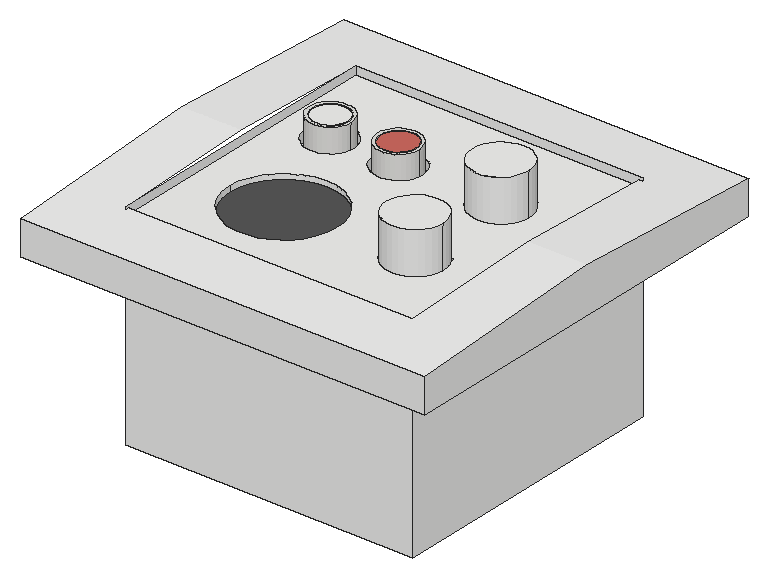
Revit family "Electronics_Commercial-Audio_Biamp_Local-Input-Panel_ALINP ", category Communication Devices, host Face, Revit 2020
Family settings
  Host = Face
  Maintain Annotation Orientation = No
  Round Connector Dimension = Use Diameter
  Part Type = Normal
  OmniClass Number = 23.85.10.11.14
  OmniClass Title = Audio Equipment
  Cut with Voids When Loaded = No
  Shared = No
  Room Calculation Point = No
Parameters (values of type "ALINP")
  Width = 0' - 3.26772"  # constant formula
  Weight = 0.242508 lbf  # constant formula
  Voltage = 0 V
  URL = "https://www.biamp.com/"
  Total harmonic distortion = "< 0.05%"  # constant formula
  Stereo/mono = "mono"  # constant formula
  Steps = "linear"  # constant formula
  Signal to noise level SNR = "> 86dB"  # constant formula
  Sensitivity = "unbalanced line: 370mV / balanced mic: 16mV"  # constant formula
  Recommended cable type = "2-core shielded microphone cable"  # constant formula
  Product data url = "https://www.bimobject.com/biamp/product/alinp_commercial-audio-control-interface"
  Product Page URL = "https://www.biamp.com/products/product-families/commercial-audio/control-interfaces#alinp"
  Product Documentation Link = "https://downloads.biamp.com/assets/docs/default-source/data-sheets/biamp_data_sheet_alinp_aug20.pdf"
  Power type = "phantom"  # constant formula
  Power Factor = 1
  Number of Poles = 1
  Nominal output level = "1V balanced"  # constant formula
  Model = "ALINP"  # constant formula
  Max. cable length in m = "600"  # constant formula
  Max Power Consumption = 0.1 W  # constant formula
  Manufacturer = "Biamp"  # constant formula
  Inputs = "balanced mic & unbalanced line"  # constant formula
  Input impedance Ohm = "MIC: 4k / Line: 8.5k"  # constant formula
  Housing Material = Biamp - Plastic - White
  Height = 0' - 3.26772"  # constant formula
  Frequency range = "MIC: 150Hz - 20kHz / Line: 50Hz - 20kHz"  # constant formula
  Description = "ALINP Active Local Input Panel"  # constant formula
  Depth = 0' - 1.77165"  # constant formula
  Default Elevation = 4' - 0"
  Cut-out dimensions in mm = "51 x 51"  # constant formula
  Connector Description = "Euroblock 3-pole"  # constant formula
  Apparent Load = Max Power Consumption / Power Factor  # 0.1 VA
  Addressing = "hardwired"  # constant formula
  Active = "yes"  # constant formula
Reference planes (in)
  plane 1 "Center (Front/Back)": y = 0
  plane 2: z = 0
  plane 3 "Center (Left/Right)": x = 0
Forms (in)
  Extrusion 1, solid, material "Biamp - Plastic - White" <- "Housing Material", detail levels fine
    sketch origin (0, 0, 0) x (0, 1, 0) y (0, 0, 1)
      loop
        line (1.63386, 0) -> (1.63386, 0.27559)
        arc (1.63386, 0.27559) -> (0, 0.36937) -> (-1.63386, 0.27559) r 14.27922
        line (-1.63386, 0.27559) -> (-1.63386, 0) -> (1.63386, 0)
    from -1.63386 to 1.63386
  Extrusion 2, void
    sketch origin (0, 0, 0) x (1, 0, 0) y (0, 1, 0)
      loop
        line (-1.16142, -1.16142) -> (1.16142, -1.16142) -> (1.16142, 1.16142) -> (-1.16142, 1.16142) -> (-1.16142, -1.16142)
    from 0.25553 to 0.53142
  Extrusion 3, void
    sketch origin (0, 0, 0) x (1, 0, 0) y (0, 1, 0)
      loop
        circle (-0.45276, -0.45276) r 0.43307
      loop
        circle (0.61024, -0.45276) r 0.23622
      loop
        circle (0.61024, 0.41339) r 0.23622
      loop
        circle (-0.21654, 0.41339) r 0.19685
      loop
        circle (-0.76772, 0.41339) r 0.19685
    from 0.17717 to 0.43995
  Extrusion 4, solid, material "Biamp - Plastic - White" <- "Housing Material", detail levels fine
    sketch origin (0, 0, 0) x (1, 0, 0) y (0, 1, 0)
      loop
        circle (0.61024, 0.41339) r 0.22835
      loop
        circle (0.61024, -0.45276) r 0.22835
    from 0.17717 to 0.59055
  Extrusion 5, solid, material "Biamp - Metal - Silver", detail levels fine
    sketch origin (0, 0, 0) x (1, 0, 0) y (0, 1, 0)
      loop
        circle (-0.76772, 0.41339) r 0.16929
      loop
        circle (-0.21654, 0.41339) r 0.16929
      loop
        circle (-0.76772, 0.41339) r 0.14173
      loop
        circle (-0.21654, 0.41339) r 0.14173
    from 0.17717 to 0.43307
  Extrusion 6, solid, material "Biamp - Plastic - White" <- "Housing Material", detail levels fine
    sketch origin (0, 0, 0) x (1, 0, 0) y (0, 1, 0)
      loop
        circle (-0.76772, 0.41339) r 0.14173
    from 0.17717 to 0.43307
  Extrusion 7, solid, material "Biamp - Plastic - Red", detail levels fine
    sketch origin (0, 0, 0) x (1, 0, 0) y (0, 1, 0)
      loop
        circle (-0.21654, 0.41339) r 0.14173
    from 0.17717 to 0.43307
  Extrusion 8, solid, material "Biamp - Plastic - Black", detail levels fine
    sketch origin (0, 0, 0) x (1, 0, 0) y (0, 1, 0)
      loop
        circle (-0.45276, -0.45276) r 0.43307
    from 0.17717 to 0.21654
  Extrusion 9, solid, material "Biamp - Plastic - White" <- "Housing Material", detail levels fine
    sketch origin (0, 0, 0) x (1, 0, 0) y (0, 1, 0)
      loop
        line (-1.16142, 1.16142) -> (-1.16142, -1.16142) -> (1.16142, -1.16142) -> (1.16142, 1.16142) -> (-1.16142, 1.16142)
    from -1.40228 to 0
  Extrusion 10, void, detail levels fine
    sketch origin (0, 0, 0) x (1, 0, 0) y (0, 1, 0)
      loop
        line (-1.16142, 1.16142) -> (-1.16142, -1.16142) -> (1.16142, -1.16142) -> (1.16142, 1.16142) -> (-1.16142, 1.16142)
    from -1.40228 to 0
  Extrusion 11, solid, material "Biamp - Plastic - White" <- "Housing Material", detail levels medium
    sketch origin (0, 0, 0) x (0, 1, 0) y (0, 0, 1)
      loop
        line (1.63386, 0) -> (1.63386, 0.27559)
        arc (1.63386, 0.27559) -> (0, 0.36937) -> (-1.63386, 0.27559) r 14.27922
        line (-1.63386, 0.27559) -> (-1.63386, 0) -> (1.63386, 0)
    from -1.63386 to 1.63386
  Extrusion 12, solid, material "Biamp - Plastic - White" <- "Housing Material", detail levels medium
    sketch origin (0, 0, 0) x (1, 0, 0) y (0, 1, 0)
      loop
        line (-1.16142, 1.16142) -> (-1.16142, -1.16142) -> (1.16142, -1.16142) -> (1.16142, 1.16142) -> (-1.16142, 1.16142)
    from -1.40228 to 0
  Extrusion 13, solid, material "Biamp - Plastic - White" <- "Housing Material", detail levels coarse
    sketch origin (0, 0, 0) x (0, 1, 0) y (0, 0, 1)
      loop
        line (1.63386, 0) -> (1.63386, 0.27559)
        arc (1.63386, 0.27559) -> (0, 0.36937) -> (-1.63386, 0.27559) r 14.27922
        line (-1.63386, 0.27559) -> (-1.63386, 0) -> (1.63386, 0)
    from -1.63386 to 1.63386
  Extrusion 14, solid, material "Biamp - Plastic - White" <- "Housing Material", detail levels coarse
    sketch origin (0, 0, 0) x (1, 0, 0) y (0, 1, 0)
      loop
        line (-1.16142, 1.16142) -> (-1.16142, -1.16142) -> (1.16142, -1.16142) -> (1.16142, 1.16142) -> (-1.16142, 1.16142)
    from -1.40228 to 0
  Extrusion 15, void
    sketch origin (0, 0, 0) x (1, 0, 0) y (0, 1, 0)
      loop
        line (0.37402, 0.17717) -> (-0.37402, 0.17717) -> (-0.37402, -0.17717) -> (0.37402, -0.17717) -> (0.37402, 0.17717)
    from -1.40228 to -1.3622
Cuts and joins
  Extrusion 2, Extrusion 3, Extrusion 10, Extrusion 15 cuts Extrusion 1
  Extrusion 2, Extrusion 15 cuts Extrusion 11
  Extrusion 15 cuts Extrusion 9
  Extrusion 15 cuts Extrusion 12
  Extrusion 15 cuts Extrusion 13
  Extrusion 15 cuts Extrusion 14
Lines and regions (in)
  Masking region 1
    outline origin (0, 0, 0) x (1, 0, 0) y (0, 1, 0)
      loop
        line (-1.63386, 1.63386) -> (-1.63386, -1.63386) -> (1.63386, -1.63386) -> (1.63386, 1.63386) -> (-1.63386, 1.63386)
  Masking region 2
    outline origin (0, 0, 0) x (1, 0, 0) y (0, 1, 0)
      loop
        circle (-0.45276, -0.45276) r 0.43307
      loop
        circle (-0.76772, 0.41339) r 0.19685
      loop
        circle (0.61024, 0.41339) r 0.23622
      loop
        circle (0.61024, -0.45276) r 0.23622
  Masking region 3
    outline origin (0, 0, 0) x (1, 0, 0) y (0, 0, 1)
      loop
        line (1.16142, 0) -> (-1.16142, 0) -> (-1.16142, -1.40228) -> (1.16142, -1.40228) -> (1.16142, 0)
  Masking region 4
    outline origin (0, 0, 0) x (1, 0, 0) y (0, 0, 1)
      loop
        line (1.63386, 0) -> (1.63386, 0.36937) -> (1.16142, 0.36937) -> (1.16142, 0.25553) -> (-1.16142, 0.25553) -> (-1.16142, 0.36937) -> (-1.63386, 0.36937) -> (-1.63386, 0) -> (1.63386, 0)
  Masking region 5
    outline origin (0, 0, 0) x (1, 0, 0) y (0, 0, 1)
      loop
        line (0.83858, 0.59055) -> (0.37402, 0.59055) -> (0.37402, 0.25553) -> (0.83858, 0.25553) -> (0.83858, 0.59055)
      loop
        line (-0.04724, 0.43307) -> (-0.38298, 0.43307) -> (-0.38298, 0.25553) -> (-0.04724, 0.25553) -> (-0.04724, 0.43307)
      loop
        line (-0.59843, 0.43307) -> (-0.93817, 0.43307) -> (-0.93817, 0.25553) -> (-0.59843, 0.25553) -> (-0.59843, 0.43307)
Dimensions and locks (in)
  aligned and locked: plane 2 to host face
  aligned and locked: level to host face
Connectors (in)
  electrical at (-0.76772, 0.41339, 0.43307)
    settings: on Extrusion 5, index 2, voltage 0 V, apparent load 0 VA, apparent load phase1 0 VA, apparent load phase2 0 VA, apparent load phase3 0 VA, power factor 1, load classification "Other", number of poles 1, system type 5, power factor state 1, is connector primary yes, connector utility no, sub classification motor no, connector description "Via stereo line;Music source"
  electrical at (-0.21654, 0.41339, 0.43307)
    settings: on Extrusion 5, index 3, voltage 0 V, apparent load 0 VA, apparent load phase1 0 VA, apparent load phase2 0 VA, apparent load phase3 0 VA, power factor 1, load classification "Other", number of poles 1, system type 5, power factor state 1, is connector primary no, connector utility no, sub classification motor no, connector description "Via stereo line;Music source"
  electrical at (0, 0, -1.3622), driven by "Number of Poles", driven by "Voltage", driven by "Apparent Load", driven by "Power Factor", driven by "Connector Description"
    settings: on cut or joined group of Extrusion 9, Extrusion 15, index 4, voltage 0 V, apparent load 0 VA, apparent load phase1 0.1 VA, apparent load phase2 0 VA, apparent load phase3 0 VA, power factor 1, load classification "Other", number of poles 1, system type 31, power factor state 1, is connector primary no, connector utility no, sub classification motor no, connector description "Euroblock 3-pole"
  electrical at (-0.45276, -0.45276, 0.21654)
    settings: on Extrusion 8, index 5, voltage 0 V, apparent load 0 VA, apparent load phase1 0 VA, apparent load phase2 0 VA, apparent load phase3 0 VA, power factor 1, load classification "Other", number of poles 1, system type 5, power factor state 1, is connector primary no, connector utility no, sub classification motor no, connector description "Via XLR-input;Microphone"
